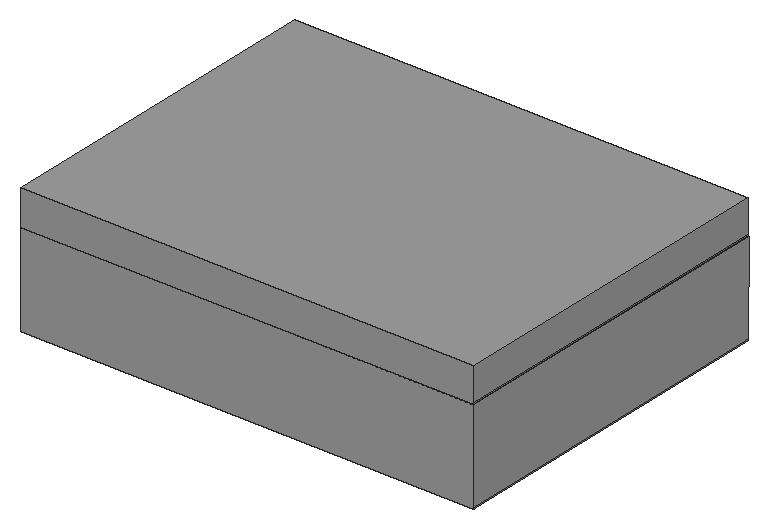
Revit family "Maxlogic Станция пожарных телефонов", category Fire Alarm Devices, host Face, Revit 2021
Family settings
  Host = Face
  Maintain Annotation Orientation = Yes
  Round Connector Dimension = Use Diameter
  Part Type = Normal
  OmniClass Number = 23.85.30.21
  OmniClass Title = Environmental Detection/Registration
  Cut with Voids When Loaded = No
  Shared = No
  Room Calculation Point = No
Parameters (values of type "Maxlogic Станция пожарных телефонов")
  Вес = ""
  Монтажный короб для установки извещателя с поверхностной прокладкой кабеля = ""
  Гарантийный срок = "Года"
  Гарантийный срок запчастей = "2"
  Гарантия срока службы = "2"
  Версия = ""
  URL = "https://www.mavili.com.tr/"
  Монтажный комплект для установки извещателя в подвесной потолок = ""
  Номер позы общественных работ = ""
  Класс защиты = ""
  Код продукта = "ML-5014"
  Номер телефона = "(+)90 216 466 45 05"
  Рабочее напряжение (по умолчанию) = ""
  Диапазон рабочего напряжения = ""
  Рабочая Температура = "(-10°C) - (+55°C)"
  Номинальная глубина = "111 мм"
  Номинальная ширина = "400 мм"
  Номинальная высота = "300 мм"
  Монтажная поверхность = "Настенная"
  Монтажная высота = ""
  Model = "Maxlogic"
  Manufacturer = "Mavili Elektronik Ticaret A.Ş."
  Инструкция по установке = "www.mavilielektronik.com/ML501X_kk.pdf"
  Выход индикации = ""
  Портативный телефон пожарного = "ML-5013"
  Номер факса = "(+)90 216 466 45 10"
  Резервное питание = ""
  Почта = "mavili@mavili.com.tr"
  Отказ = ""
  Настройка адреса устройства = ""
  Description = "Станция пожарных телефонов"
  Default Elevation = 0 mm
  Потребление тока = ""
  Валюта = ""
  Cost = 0
  Совместимые базы для монтажа = ""
  Цвет = "Красный"
  Производительность кода = ""
  Главный Материал = "Красный металлический"
  Вторичный материал = "Серый металлический"
  Аккумулятор = ""
  Адрес №1 = "Şerifali Mahallesi Kutup Sokak No:27/1-2-4 Ümraniye TR-34775 İSTANBUL"
Reference planes
  plane 1 "Center (Front/Back)": y = 0
  plane 2: z = 0
  plane 3 "Center (Left/Right)": x = 0
Forms (mm)
  Extrusion 1, solid, material "Kırmızı"
    sketch origin (-210, -150, 148.173) x (1, 0, 0) y (0, 0, -1)
      loop
        line (42.905, 67.3) -> (434.905, 67.3) -> (434.905, 146.904)
        arc (434.905, 146.904) -> (434.545, 147.715) -> (433.785, 148.173) r 1.476
        line (433.785, 148.173) -> (44.505, 148.173)
        arc (44.505, 148.173) -> (43.374, 147.704) -> (42.905, 146.573) r 1.6
        line (42.905, 146.573) -> (42.905, 67.3)
    from 0 to 300
  Extrusion 2, void
    sketch origin (-167.095, -150, 70.872) x (0, 0, 1) y (0, -1, 0)
      loop
        arc (-69.27, -296) -> (-70.403, -295.532) -> (-70.872, -294.4) r 1.6
        line (-70.872, -294.4) -> (-70.872, -300) -> (10, -300) -> (10, -296) -> (-69.27, -296)
    from 0 to 392
  Extrusion 3, void
    sketch origin (-167.095, 146, 25.472) x (0, 0, -1) y (1, 0, 0)
      loop
        line (-13.523, 66.9) -> (-13.523, 68.054)
        arc (-13.523, 68.054) -> (-15, 68.144) -> (-16.477, 68.054) r 12.144
        line (-16.477, 68.054) -> (-16.477, 66.9)
        arc (-16.477, 66.9) -> (-26, 56.025) -> (-16.527, 45.106) r 11
        line (-16.527, 45.106) -> (-16.527, 43.952)
        arc (-16.527, 43.952) -> (-15, 43.856) -> (-13.473, 43.952) r 12.144
        line (-13.473, 43.952) -> (-13.473, 45.106)
        arc (-13.473, 45.106) -> (-4, 56.025) -> (-13.523, 66.9) r 11
    from 0 to 1
  Extrusion 4, void
    sketch origin (-127.095, 146, 25.472) x (0, 0, -1) y (1, 0, 0)
      loop
        line (-13.523, 66.9) -> (-13.523, 68.054)
        arc (-13.523, 68.054) -> (-15, 68.144) -> (-16.477, 68.054) r 12.144
        line (-16.477, 68.054) -> (-16.477, 66.9)
        arc (-16.477, 66.9) -> (-26, 56.025) -> (-16.527, 45.106) r 11
        line (-16.527, 45.106) -> (-16.527, 43.952)
        arc (-16.527, 43.952) -> (-15, 43.856) -> (-13.473, 43.952) r 12.144
        line (-13.473, 43.952) -> (-13.473, 45.106)
        arc (-13.473, 45.106) -> (-4, 56.025) -> (-13.523, 66.9) r 11
    from 0 to 1
  Extrusion 5, void
    sketch origin (-87.095, 146, 25.472) x (0, 0, -1) y (1, 0, 0)
      loop
        line (-13.523, 66.9) -> (-13.523, 68.054)
        arc (-13.523, 68.054) -> (-15, 68.144) -> (-16.477, 68.054) r 12.144
        line (-16.477, 68.054) -> (-16.477, 66.9)
        arc (-16.477, 66.9) -> (-26, 56.025) -> (-16.527, 45.106) r 11
        line (-16.527, 45.106) -> (-16.527, 43.952)
        arc (-16.527, 43.952) -> (-15, 43.856) -> (-13.473, 43.952) r 12.144
        line (-13.473, 43.952) -> (-13.473, 45.106)
        arc (-13.473, 45.106) -> (-4, 56.025) -> (-13.523, 66.9) r 11
    from 0 to 1
  Extrusion 6, void
    sketch origin (-47.095, 146, 25.472) x (0, 0, -1) y (1, 0, 0)
      loop
        line (-13.523, 66.9) -> (-13.523, 68.054)
        arc (-13.523, 68.054) -> (-15, 68.144) -> (-16.477, 68.054) r 12.144
        line (-16.477, 68.054) -> (-16.477, 66.9)
        arc (-16.477, 66.9) -> (-26, 56.025) -> (-16.527, 45.106) r 11
        line (-16.527, 45.106) -> (-16.527, 43.952)
        arc (-16.527, 43.952) -> (-15, 43.856) -> (-13.473, 43.952) r 12.144
        line (-13.473, 43.952) -> (-13.473, 45.106)
        arc (-13.473, 45.106) -> (-4, 56.025) -> (-13.523, 66.9) r 11
    from 0 to 1
  Extrusion 7, void
    sketch origin (-7.095, 146, 25.472) x (0, 0, -1) y (1, 0, 0)
      loop
        line (-13.523, 66.9) -> (-13.523, 68.054)
        arc (-13.523, 68.054) -> (-15, 68.144) -> (-16.477, 68.054) r 12.144
        line (-16.477, 68.054) -> (-16.477, 66.9)
        arc (-16.477, 66.9) -> (-26, 56.025) -> (-16.527, 45.106) r 11
        line (-16.527, 45.106) -> (-16.527, 43.952)
        arc (-16.527, 43.952) -> (-15, 43.856) -> (-13.473, 43.952) r 12.144
        line (-13.473, 43.952) -> (-13.473, 45.106)
        arc (-13.473, 45.106) -> (-4, 56.025) -> (-13.523, 66.9) r 11
    from 0 to 1
  Extrusion 8, void
    sketch origin (32.905, 146, 25.472) x (0, 0, -1) y (1, 0, 0)
      loop
        line (-13.523, 66.9) -> (-13.523, 68.054)
        arc (-13.523, 68.054) -> (-15, 68.144) -> (-16.477, 68.054) r 12.144
        line (-16.477, 68.054) -> (-16.477, 66.9)
        arc (-16.477, 66.9) -> (-26, 56.025) -> (-16.527, 45.106) r 11
        line (-16.527, 45.106) -> (-16.527, 43.952)
        arc (-16.527, 43.952) -> (-15, 43.856) -> (-13.473, 43.952) r 12.144
        line (-13.473, 43.952) -> (-13.473, 45.106)
        arc (-13.473, 45.106) -> (-4, 56.025) -> (-13.523, 66.9) r 11
    from 0 to 1
  Extrusion 9, void
    sketch origin (72.905, 146, 25.472) x (0, 0, -1) y (1, 0, 0)
      loop
        line (-13.523, 66.9) -> (-13.523, 68.054)
        arc (-13.523, 68.054) -> (-15, 68.144) -> (-16.477, 68.054) r 12.144
        line (-16.477, 68.054) -> (-16.477, 66.9)
        arc (-16.477, 66.9) -> (-26, 56.025) -> (-16.527, 45.106) r 11
        line (-16.527, 45.106) -> (-16.527, 43.952)
        arc (-16.527, 43.952) -> (-15, 43.856) -> (-13.473, 43.952) r 12.144
        line (-13.473, 43.952) -> (-13.473, 45.106)
        arc (-13.473, 45.106) -> (-4, 56.025) -> (-13.523, 66.9) r 11
    from 0 to 1
  Extrusion 10, void
    sketch origin (112.905, 146, 25.472) x (0, 0, -1) y (1, 0, 0)
      loop
        line (-13.523, 66.9) -> (-13.523, 68.054)
        arc (-13.523, 68.054) -> (-15, 68.144) -> (-16.477, 68.054) r 12.144
        line (-16.477, 68.054) -> (-16.477, 66.9)
        arc (-16.477, 66.9) -> (-26, 56.025) -> (-16.527, 45.106) r 11
        line (-16.527, 45.106) -> (-16.527, 43.952)
        arc (-16.527, 43.952) -> (-15, 43.856) -> (-13.473, 43.952) r 12.144
        line (-13.473, 43.952) -> (-13.473, 45.106)
        arc (-13.473, 45.106) -> (-4, 56.025) -> (-13.523, 66.9) r 11
    from 0 to 1
  Extrusion 11, solid, material "Kırmızı"
    sketch origin (-210, -150, 229.045) x (1, 0, 0) y (0, 0, -1)
      loop
        line (42.905, 118.173) -> (434.905, 118.173) -> (434.905, 146.904)
        arc (434.905, 146.904) -> (434.545, 147.715) -> (433.785, 148.173) r 1.476
        line (433.785, 148.173) -> (44.505, 148.173)
        arc (44.505, 148.173) -> (43.374, 147.704) -> (42.905, 146.573) r 1.6
        line (42.905, 146.573) -> (42.905, 118.173)
    from 0 to 296
Cuts and joins
  Extrusion 2, Extrusion 3, Extrusion 4, Extrusion 5, Extrusion 6, Extrusion 7, Extrusion 8, Extrusion 9, Extrusion 10 cuts Extrusion 1
Lines and regions (mm)
  model lines
    curve 1: line (-104.518, 98.365, 110.872) -> (-97.048, 45.21, 110.872)
    curve 2: arc (-97.048, 45.21, 110.872) -> (-96.326, 43.934, 110.872) -> (-94.927, 43.493, 110.872) r 2
    curve 3: line (-94.927, 43.493, 110.872) -> (-80.721, 44.237, 110.872)
    curve 4: line (-80.721, 44.237, 110.872) -> (-79.956, 45.118, 110.872)
    curve 5: line (-79.956, 45.118, 110.872) -> (-88.109, 103.755, 110.872)
    curve 6: line (-88.109, 103.755, 110.872) -> (-89.21, 104.444, 110.872)
    curve 7: line (-89.21, 104.444, 110.872) -> (-103.015, 101.257, 110.872)
    curve 8: arc (-87.353, 104.848, 110.872) -> (-70.145, 100.427, 110.872) -> (-55.715, 90.062, 110.872) r 48.106
    curve 9: arc (-55.715, 90.062, 110.872) -> (-54.068, 88.571, 110.872) -> (-52.223, 87.334, 110.872) r 15.288
    curve 10: arc (-52.223, 87.334, 110.872) -> (-51.32, 86.148, 110.872) -> (-50.697, 84.795, 110.872) r 6.789
    curve 11: arc (-50.697, 84.795, 110.872) -> (-39.593, 46.395, 110.872) -> (-34.971, 6.69, 110.872) r 241.633
    curve 12: arc (-34.971, 6.69, 110.872) -> (-36.259, -26.658, 110.872) -> (-42.298, -59.48, 110.872) r 233.014
    curve 13: arc (-42.298, -59.48, 110.872) -> (-44.678, -67.996, 110.872) -> (-47.38, -76.415, 110.872) r 233.014
    curve 14: arc (-47.38, -76.415, 110.872) -> (-49.036, -81.167, 110.872) -> (-50.745, -85.9, 110.872) r 440.05
    curve 15: arc (-50.745, -85.9, 110.872) -> (-51.367, -87.259, 110.872) -> (-52.19, -88.506, 110.872) r 9.729
    curve 16: arc (-52.19, -88.506, 110.872) -> (-57.28, -92.218, 110.872) -> (-62.113, -96.259, 110.872) r 95.329
    curve 17: arc (-62.113, -96.259, 110.872) -> (-69.848, -100.62, 110.872) -> (-77.922, -104.314, 110.872) r 105.417
    curve 18: arc (-77.922, -104.314, 110.872) -> (-82.663, -105.227, 110.872) -> (-87.455, -105.824, 110.872) r 72.671
    curve 19: line (-87.455, -105.824, 110.872) -> (-78.999, -45.66, 110.872)
    curve 20: arc (-78.999, -45.66, 110.872) -> (-75.51, -45.786, 110.872) -> (-72.322, -44.362, 110.872) r 7.722
    curve 21: arc (-62.457, -36.087, 110.872) -> (-58.56, -31.058, 110.872) -> (-57.095, -24.867, 110.872) r 15.014
    curve 22: arc (-57.095, 20.133, 110.872) -> (-58.184, 26.204, 110.872) -> (-61.618, 31.328, 110.872) r 15.047
    curve 23: arc (-61.618, 31.328, 110.872) -> (-67.633, 37.275, 110.872) -> (-73.58, 43.29, 110.872) r 742.949
    curve 24: arc (-73.58, 43.29, 110.872) -> (-76.097, 44.646, 110.872) -> (-78.938, 44.331, 110.872) r 4.8
    curve 25: arc (-104.518, 98.365, 110.872) -> (-104.13, 100.19, 110.872) -> (-102.66, 101.339, 110.872) r 2.728
    curve 26: line (-87.353, 104.848, 110.872) -> (-78.938, 44.331, 110.872)
    curve 27: line (-57.095, 20.133, 110.872) -> (-57.095, -24.867, 110.872)
    curve 28: arc (-72.322, -44.362, 110.872) -> (-67.286, -40.348, 110.872) -> (-62.457, -36.087, 110.872) r 129.022
    curve 29: line (-97.048, -46.334, 110.872) -> (-104.61, -100.14, 110.872)
    curve 30: arc (-104.61, -100.14, 110.872) -> (-104.267, -101.566, 110.872) -> (-103.045, -102.375, 110.872) r 2
    curve 31: arc (-103.045, -102.375, 110.872) -> (-96.081, -103.919, 110.872) -> (-89.146, -105.584, 110.872) r 408.665
    curve 32: arc (-89.146, -105.584, 110.872) -> (-88.616, -105.194, 110.872) -> (-88.095, -104.792, 110.872) r 27.812
    curve 33: arc (-94.956, -44.609, 110.872) -> (-96.337, -45.065, 110.872) -> (-97.048, -46.334, 110.872) r 2.007
    curve 34: line (-88.095, -104.792, 110.872) -> (-79.889, -46.404, 110.872)
    curve 35: arc (-80.758, -45.35, 110.872) -> (-80.092, -45.686, 110.872) -> (-79.889, -46.404, 110.872) r 0.926
    curve 36: line (-94.956, -44.609, 110.872) -> (-80.758, -45.35, 110.872)
    curve 37: line (179.285, 8, 110.872) -> (179.285, -62, 110.872)
    curve 38: line (179.285, -62, 110.872) -> (209.285, -62, 110.872)
    curve 39: line (209.285, 8, 110.872) -> (209.285, -62, 110.872)
    curve 40: line (179.285, 8, 110.872) -> (209.285, 8, 110.872)
Dimensions and locks
  aligned and locked: plane 2 to host face
  aligned and locked: level to host face
  aligned and locked: Extrusion 1 to Extrusion 2
